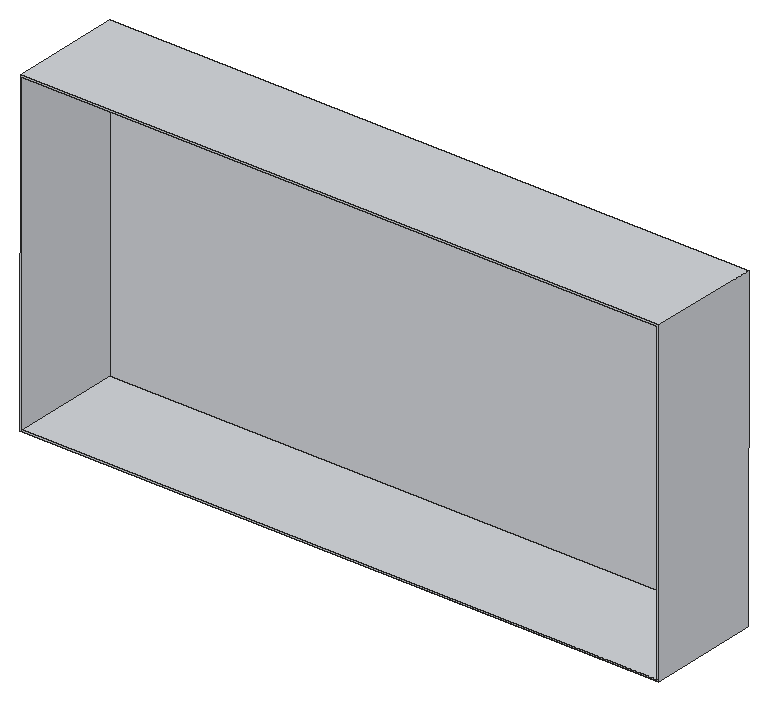
Revit family "Hager-Panelboards-Surface_mounted-IP2XC-Without_Cover-With_DIN-NoHosted-IE-en", category Electrical Equipment, Revit 2023
Family settings
  Panel Configuration = Two Columns, Circuits Across
  Round Connector Dimension = Use Diameter
  Part Type = Panelboard
  Work Plane-Based = Yes
  Always vertical = Yes
  Cut with Voids When Loaded = No
  Maintain Annotation Orientation = No
  Shared = No
  Room Calculation Point = No
Parameters (values of type "Panelboards-Surface_mounted_W900_H450_D158_0_Modular_Spacing-JF806E")
  Width Control [instance] = if([HG000006-Flush mounted], if([EF000846 - Built-in width] > min_whd, [EF000846 - Built-in width], min_whd), if([EF000008 - Width] > min_whd, ([EF000008 - Width]), min_whd))  # 900 mm
  Void Depth [instance] = if([EF000218 - Built-in depth] > 1 mm, [EF000218 - Built-in depth], 1 mm)  # 1 mm
  Uniformat code = "D501001"
  Uniformat = "Low Tension Service & Dist."
  Référence = ""
  HG000131 - Functional label [instance] = ""
  HG000130 - Functional name [instance] = ""
  HG000099-Onfly Template ID = "507532"
  HG000059-Operating voltage [instance] = 230 V
  ETIM class name = "Small distribution board"
  ETIM class code = "EC000214"
  EF015941 - Signal passing door = no
  EF015777 - Neutral terminal block = no
  EF015776 - Earthing terminal block = yes
  EF009212 - Cover model = ""
  EF006306 - With lock = no
  EF006244 - Transparent cover/door = no
  EF005474 - Degree of protection (IP) = "IP2XC"
  EF004462 - Type of closure = ""
  EF002950 - Width in number of modular spacings = 0
  EF001596 - Housing material = ""
  EF001134 - DIN-rail = yes
  EF001131 - Inner depth = 0 mm
  EF001088 - Extension possible = no
  EF001062 - EMC-version = no
  EF000846 - Built-in width = 0 mm
  EF000339 - Type of covering = ""
  EF000332 - Built-in height = 0 mm
  EF000266 - Number of rows = 0
  EF000218 - Built-in depth = 0 mm
  EF000118 - With mounting plate = no
  EF000116 - RAL-number = 7035
  EF000049 - Depth = 158 mm
  EF000040 - Height = 450 mm
  EF000008 - Width = 900 mm
  EF000007 - Colour = ""
  EF000003 - Mounting method = "Surface mounted"
  EF004464 - Type of door = ""
  EF000024 - UV resistant = no
  Type Comments = ""
  System Height [instance] = Height Control - 2 * [HG000005-Thickness]  # 446 mm
  Reference description = ""
  Reference = "Panelboards-Surface_mounted_W900_H450_D158_0_Modular_Spacing-JF806E"
  Panel Name [instance] = ""  # (empty or 0)
  Offset [instance] = 0 mm
  Object type = ""
  Name hager = "ADD_Enclosures_EC000214"
  Name BIM&CO = "Electricity"
  Name = "Panelboards-Surface_mounted-IP2XC-Without_Cover-With_DIN-IE"
  Model = ""
  Level Offset [instance] = [Flush Mounted - Door Frame Width] + Offset  # 50 mm
  HGEF002950-Width in number of modular spacings = 0
  HGEF000266-Number of rows = 0
  HG000060-RAL-number = "7035"
  HG000017-Distance between poles = 18 mm
  HG000016-Door 3D visibility = yes
  HG000015-Clearance visibility = yes
  HG000014-Door on the right = yes
  HG000013-Door on the left = not([HG000014-Door on the right])  # no
  HG000012-Door swing angle = 90.00°
  HG000011-Empty rows from bottom = no
  HG000010-Asymmetric doors = no
  HG000009-Double swing door = no
  HG000008-Number of empty rows = 0
  HG000007-Number of empty columns = 0
  HG000006-Flush mounted = no
  HG000005-Thickness = 2 mm
  HG000004-Manufacturer reference = "JF806E"
  HG000003-Range = "Panelboards"
  HG000002-With door or cover = no
  HG000001-Number of columns = 0
  GTIN (Global Trade Item Number) = ""
  Description = ""
  Default Elevation = 1200 mm
  Creation Date = "12/17/2025 20:23:40"
  Code hager = "ADD-EC000214_EU"
  Code Uniformat = ""
  BIM&CO code = ""
  BC_VARIANT_ID = "1179179"
  BC_OBJECT_VERSION = "#1"  # constant formula
  BC_OBJECT_ID = "513920"  # constant formula
  BC_MODEL_ID = "1554436"  # constant formula
  BC_METADATA = "{\"ObjectGuid\":\"bc35c96e-cb38-443e-833d-0616858cb9ac\",\"ModelGuid\":\"8af03f69-2293-4735-a617-cc53adf55621\",\"VariantGuid\":\"8b6e323b-1b53-409a-a940-11b5a7fc5337\",\"Revision\":\"#4\",\"VariantName\":\"Template-Enclosure_EU-EC000214\"}"
  Arrow Offset [instance] = Depth Control / 8  # 18.75 mm
  Arrow Height [instance] = Depth Control - Arrow Offset  # 131.25 mm
  Host Offset [instance] = if([HG000006-Flush mounted], 0 mm, [EF000049 - Depth])  # 158 mm
  min_whd [instance] = (2 * [HG000005-Thickness]) + 1 mm  # 5 mm
  Manufacturer = "Hager"  # constant formula
  Height Control [instance] = if([HG000006-Flush mounted], if([EF000332 - Built-in height] > min_whd, [EF000332 - Built-in height], min_whd), if([EF000040 - Height] > min_whd, ([EF000040 - Height]), min_whd))  # 450 mm
  Flush Mounted - Door Frame Width [instance] = if(([EF000040 - Height] - [EF000332 - Built-in height]) > 0 mm, if([HG000006-Flush mounted], [EF000040 - Height] - [EF000332 - Built-in height], 0 mm), 0 mm)  # 0 mm
  Depth Control [instance] = if([HG000006-Flush mounted], if([EF000218 - Built-in depth] > 0 mm, [EF000218 - Built-in depth], 1 mm), if([EF000049 - Depth] > 0 mm, ([EF000049 - Depth]), 1 mm))  # 158 mm
Types (2, lengths in mm): name | EF015777 - Neutral terminal block | EF006306 - With lock | EF001088 - Extension possible | EF000040 - Height | Reference | HG000004-Manufacturer reference | BC_VARIANT_ID | Height Control
  Panelboards-Surface_mounted_W900_H300_D158_0_Modular_Spacing-JF805E | yes | yes | yes | 300 | "Panelboards-Surface_mounted_W900_H300_D158_0_Modular_Spacing-JF805E" | "JF805E" | "1179175" | 300
  Panelboards-Surface_mounted_W900_H450_D158_0_Modular_Spacing-JF806E | no | no | no | 450 | "Panelboards-Surface_mounted_W900_H450_D158_0_Modular_Spacing-JF806E" | "JF806E" | "1179179" | 450
Reference planes
  plane 1 "Center (Front/Back)": y = 0
  plane 2: z = 0
  plane 3 "Center (Left/Right)": x = 0
  plane 4: y = 2
  plane 5: y = 0
  plane 6: y = 0
  plane 7: z = 0
  plane 8: x = -450
  plane 9: x = 450
  plane 10: x = 448
  plane 11: x = -448
  plane 12: z = 50
  plane 13: z = 52
  plane 14: y = -153
  plane 15: y = -158
  plane 16: y = -2
  plane 17: z = 498
  plane 18: z = 500
  plane 19: z = 275
  plane 20: x = 0
  plane 21: y = -100
  plane 22 "Annotation H": y = -300
  plane 23 "Annotation V": x = 650
Forms (mm)
  Extrusion 1, solid
    sketch origin (-208.679, -4572, 50) x (-1, 0, 0) y (0, -1, 0)
      loop
        line (241.321, -4414) -> (-658.679, -4414) -> (-658.679, -4572) -> (241.321, -4572) -> (241.321, -4414)
    from 0 to 450 <- "Height Control"
  Extrusion 2, void
    sketch origin (-350.771, -158, 1219.2) x (1, 0, 0) y (0, 0, 1)
      loop
        line (-97.229, -721.2) -> (-97.229, -1167.2) -> (798.771, -1167.2) -> (798.771, -721.2) -> (-97.229, -721.2)
    from 0 to -156
  Extrusion 3, solid, detail levels coarse+medium
    sketch origin (-350.771, -158, 1219.2) x (-1, 0, 0) y (0, 0, 1)
      loop
        line (97.229, -721.2) -> (-798.771, -721.2) -> (-798.771, -1167.2) -> (97.229, -1167.2) -> (97.229, -721.2)
    from 0 to 2 <- "HG000005-Thickness"
Cuts and joins
  Extrusion 2 cuts Extrusion 1
Dimensions and locks
  "Flush Mounted - Door Frame Width": plane 1 "Center (Front/Back)" to plane 6
  "HG000005-Thickness": plane 4 to plane 6
  "HG000005-Thickness": plane 8 to plane 11
  "HG000005-Thickness": plane 9 to plane 10
  equal spacing: plane 8, plane 3 "Center (Left/Right)", plane 9
  "Width Control": plane 8 to plane 9
  locked: plane 14 to plane 15 at 5
  "Host Offset": plane 1 "Center (Front/Back)" to plane 15
  "Depth Control": plane 5 to plane 15
  "HG000005-Thickness": plane 5 to plane 16
  "HG000005-Thickness": plane 13 to plane 12
  "Level Offset": plane 12 to level
  "HG000005-Thickness": plane 18 to plane 17
  "Height Control": plane 18 to plane 12
  "Arrow Offset": plane 5 to nested 4
  equal spacing: plane 18, plane 19, plane 12
  locked: connector elem to plane 19
  locked: connector elem to plane 3 "Center (Left/Right)"
  Extrusion 2 sketch curve to Extrusion 2 sketch curve to plane 9 = 896 mm, 2 mm
  locked: plane 9 to plane 23 "Annotation V" at 200
  locked: plane 22 "Annotation H" to plane 1 "Center (Front/Back)" at 300
  aligned and locked: nested 1 to plane 14
  aligned and locked: plane 3 "Center (Left/Right)" to nested 1
  aligned and locked: plane 3 "Center (Left/Right)" to nested 2
  aligned and locked: nested 2 to plane 15
  aligned and locked: Extrusion 1 to plane 5
  aligned and locked: Extrusion 3 sketch curve to plane 17
  aligned and locked: Extrusion 3 sketch curve to plane 11
  aligned and locked: Extrusion 3 sketch curve to plane 13
  aligned and locked: Extrusion 3 sketch curve to plane 10
  aligned and locked: Extrusion 2 sketch curve to plane 13
  aligned and locked: Extrusion 2 sketch curve to plane 17
  aligned and locked: Extrusion 2 to plane 16
  aligned and locked: Extrusion 1 sketch curve to plane 5
  aligned and locked: plane 9 to Extrusion 1 sketch curve
  aligned and locked: plane 8 to Extrusion 1 sketch curve
  aligned and locked: plane 8 to nested 4
  aligned and locked: plane 8 to nested 3
  aligned and locked: nested 3 to plane 5
  aligned and locked: Extrusion 1 sketch curve to plane 15
  aligned and locked: Extrusion 2 to plane 15
  aligned and locked: nested 5 to plane 22 "Annotation H"
  aligned and locked: plane 23 "Annotation V" to nested 5
  aligned and locked: plane 11 to Extrusion 2
  aligned and locked: plane 10 to Extrusion 2
Nested families
  nested 1: "Hager_Enclosure_System" at (0, -153, 52), Flush_Mounted <- "HG000006-Flush mounted", Height <- "System Height", Width_Control <- "Width Control", Row_Module_Multiplicator <- "HGEF002950-Width in number of modular spacings", Empty_Columns <- "HG000007-Number of empty columns", Border <- "HG000005-Thickness", Total_No_Empty_Rows <- "HG000008-Number of empty rows", Depth <- "HG000005-Thickness", Empty_Rows_From_Bottom <- "HG000011-Empty rows from bottom", Distance_Between_Poles <- "HG000017-Distance between poles", Rows_Count <- "HGEF000266-Number of rows", Columns_Count <- "HG000001-Number of columns", Built-in_Width <- "EF000846 - Built-in width", Width <- "EF000008 - Width", type "Hager_Enclosure_System", detail levels medium+fine
    with Width_Control 900 mm, Width 900 mm, Total_No_Rows 0, Total_No_Empty_Rows 0, Total_No_Columns 1, System_Width 896 mm, Rows_Count 0, Rows_Column 0, Row_Module_Multiplicator 0, Panel_4 no, Panel_3 no, Panel_2 no, Panel_1 no, No_Panels_Ctrl 1, Hide_Columns yes, Height 446 mm, Flush_Mounted no, Empty_Rows_From_Bottom no, Empty_Rows_Column 0, Empty_Columns 0, Empty column 4 0, Empty column 3 0, Empty column 2 0, Empty column 1 0, Distance_Between_Poles 18 mm, Depth 2 mm, Columns_Count 0, Column_Width 896 mm, Built-in_Width 0 mm, Border 2 mm
  nested 2: "Hager_Enclosure_Door" at (0, -158, 50), Double <- "HG000009-Double swing door", Height_Ctrl <- "Height Control", Angle <- "HG000012-Door swing angle", Door_Right <- "HG000014-Door on the right", Assymetrical <- "HG000010-Asymmetric doors", Flush_Mounted <- "HG000006-Flush mounted", Door <- "HG000002-With door or cover", Width_Ctrl <- "Width Control", 3d_Door <- "HG000016-Door 3D visibility", Border <- "HG000005-Thickness", Clearance <- "HG000015-Clearance visibility", Door_Left <- "HG000013-Door on the left", BuiltIn_Depth <- "EF000218 - Built-in depth", Depth <- "EF000049 - Depth", BuiltIn_Width <- "EF000846 - Built-in width", Height <- "EF000040 - Height", BuiltIn_Height <- "EF000332 - Built-in height", Width <- "EF000008 - Width", Transparent <- "EF006244 - Transparent cover/door", type "Hager_Enclosure_Door", detail levels medium+fine
    with min_wh 5 mm, Width_Ctrl 900 mm, Width 900 mm, Transparent_Door_No_Bottom_Border no, Transparent no, Leaf_Width 893 mm, Leaf_Tolerance 1.5 mm, Leaf_Height 443 mm, Leaf_2_Width 893 mm, Leaf_2_Offset 446.5 mm, Leaf_1_Width 893 mm, Leaf_1_Offset 446.5 mm, Height_Ctrl 450 mm, Height 450 mm, Frame_Width_Ctrl 900 mm, Frame_Width 900 mm, Frame_Internal_Offset 0 mm, Frame_Height_Ctrl 450 mm, Frame_Height 450 mm, Frame_Depth_Ctrl 1 mm, Frame_Depth 0 mm, Flush_Mounted no, Double_Clearance_Ctrl no, Double no, Door_Right_Ctrl no, Door_Right yes, Door_Left_Ctrl no, Door_Left no, Door no, Depth 158 mm, Clearance_Depth 893 mm, Clearance_Ctrl yes, Clearance yes, BuiltIn_Width 0 mm, BuiltIn_Height 0 mm, BuiltIn_Depth 0 mm, Border 2 mm, Assymetrical no, Angle 90.00°, 3d_Door yes
  nested 3: "Hager_Enclosure_Symbol_Triangle" at (-450, 0, 0), Depth <- "Depth Control", Width <- "Width Control", type "Hager_Enclosure_Symbol_Triangle"
    with Width_Ctrl 900 mm, Width 900 mm, Depth_Ctrl 158 mm, Depth 158 mm
  nested 4: "Hager_Enclosure_Symbol_Arrow" at (-450, -18.75, 0), Height <- "Arrow Height", type "Hager_Enclosure_Symbol_Arrow"
    with Width_Inside 9.844 mm, Width 118.125 mm, Height_Ctrl 131.25 mm, Height 131.25 mm
  nested 5: "Hager_Annotation-HG000130" at (650, -300, 0), HG000130 - Functional name <- "HG000130 - Functional name", type "Hager_Annotation-HG000130"
    with HG000130 - Functional name ""
Connectors
  electrical at (0, 0, 275), driven by "HG000059-Operating voltage"
    settings: on plane 5, index 1, voltage 230 V, apparent load 0 VA, apparent load phase1 0 VA, apparent load phase2 0 VA, apparent load phase3 0 VA, power factor 1, load classification "Other", number of poles 1, system type 30, power factor state 1, is connector primary yes, connector utility no, sub classification motor no, connector description ""
Definition of nested family "Hager_Enclosure_Door"
  Parameters (values of type "Hager_Enclosure_Door")
    min_wh [instance] = (2 * Border) + 1 mm  # 11 mm
    Width_Ctrl [instance] = 400 mm
    Width [instance] = 500 mm
    Transparent_Door_No_Bottom_Border [instance] = no
    Transparent [instance] = yes
    Leaf_Width [instance] = if((Width_Ctrl - 2 * Border - 2 * Leaf_Tolerance) > 0 mm, (Width_Ctrl - 2 * Border - 2 * Leaf_Tolerance), min_wh)  # 387 mm
    Leaf_Tolerance [instance] = 1.5 mm  # constant formula
    Leaf_Height [instance] = if((Height_Ctrl - 2 * Border - 2 * Leaf_Tolerance) > 0 mm, (Height_Ctrl - 2 * Border - 2 * Leaf_Tolerance), min_wh)  # 387 mm
    Leaf_2_Width [instance] = if(and(and(Double, Assymetrical), Door_Left), (Leaf_Width / 3) - (Leaf_Tolerance / 2), if(and(and(Double, Assymetrical), Door_Right), (Leaf_Width / 3) * 2 - (Leaf_Tolerance / 2), if(and(Double, not(Assymetrical)), (Leaf_Width / 2) - Leaf_Tolerance, Leaf_Width)))  # 387 mm
    Leaf_2_Offset [instance] = if(and(Double, Assymetrical), Leaf_2_Width / 2, if(and(Double, not(Assymetrical)), Leaf_Width / 4, Leaf_Width / 2))  # 193.5 mm
    Leaf_1_Width [instance] = if(and(and(Double, Assymetrical), Door_Right), (Leaf_Width / 3) - (Leaf_Tolerance / 2), if(and(and(Double, Assymetrical), Door_Left), (Width / 3) * 2 - (Leaf_Tolerance / 2), if(and(Double, not(Assymetrical)), (Leaf_Width / 2) - Leaf_Tolerance, Leaf_Width)))  # 387 mm
    Leaf_1_Offset [instance] = if(and(Double, Assymetrical), Leaf_1_Width / 2, if(and(Double, not(Assymetrical)), Leaf_Width / 4, Leaf_Width / 2))  # 193.5 mm
    Height_Ctrl [instance] = 400 mm
    Height [instance] = 500 mm
    Frame_Width_Ctrl [instance] = if(Frame_Width > 0 mm, Frame_Width, 1 mm)  # 1 mm
    Frame_Width [instance] = Width - BuiltIn_Width  # 0 mm
    Frame_Internal_Offset [instance] = if(Flush_Mounted, Border, 0 mm)  # 5 mm
    Frame_Height_Ctrl [instance] = if(Frame_Height > 0 mm, Frame_Height, 1 mm)  # 1 mm
    Frame_Height [instance] = Height - BuiltIn_Height  # 0 mm
    Frame_Depth_Ctrl [instance] = if(Frame_Depth > 0 mm, Frame_Depth, 1 mm)  # 1 mm
    Frame_Depth [instance] = if(Depth - BuiltIn_Depth > 0 mm, if(Flush_Mounted, Depth - BuiltIn_Depth, 0 mm), 0 mm)  # 0 mm
    Flush_Mounted [instance] = yes
    Double_Clearance_Ctrl [instance] = and(Double, Clearance)  # no
    Double [instance] = no
    Door_Right_Ctrl [instance] = and(or(Door_Right, Double), Door)  # yes
    Door_Right [instance] = yes
    Door_Left_Ctrl [instance] = and(or(Door_Left, Double), Door)  # no
    Door_Left [instance] = no
    Door [instance] = yes
    Depth [instance] = 500 mm
    Default Elevation = 1219.2 mm
    Clearance_Material = none
    Clearance_Depth [instance] = if(Leaf_1_Width > Leaf_2_Width, Leaf_1_Width, Leaf_2_Width)  # 387 mm
    Clearance_Ctrl [instance] = and(not(Double), Clearance)  # yes
    Clearance [instance] = yes
    BuiltIn_Width [instance] = 500 mm
    BuiltIn_Height [instance] = 500 mm
    BuiltIn_Depth [instance] = 500 mm
    Border [instance] = 5 mm
    Assymetrical [instance] = yes
    Angle [instance] = 30.00°
    3d_Door [instance] = yes
  Reference planes
    plane 1 "Center (Front/Back)": y = 0
    plane 2 "Bottom": z = 0
    plane 3 "Center (Left/Right)": x = 0
    plane 4: z = 400
    plane 5: x = -200
    plane 6: x = 200
    plane 7: z = 395
    plane 8: x = -195
    plane 9: z = 5
    plane 10: x = 195
    plane 11: y = 0
    plane 12: z = 6.5
    plane 13: x = -582
    plane 14: y = -387
    plane 15: x = 582
    plane 16: x = 0
    plane 17: x = 0
    plane 18: x = -193.5
    plane 19: x = 193.5
    plane 20: z = 393.5
  Forms (mm)
    Extrusion 1, solid, visible <- "Flush_Mounted"
      sketch origin (0, 0, 0) x (1, 0, 0) y (0, 0, 1)
        loop
          line (195, 5) -> (195, 395) -> (-195, 395) -> (-195, 5) -> (195, 5)
        loop
          line (-201, 401) -> (-201, -1) -> (201, -1) -> (201, 401) -> (-201, 401)
      from 0 to 1 <- "Frame_Depth_Ctrl"
    Extrusion 2, solid, material <- "Clearance_Material", visible <- "Double_Clearance_Ctrl"
      sketch origin (1200, 0, 0) x (1, 0, 0) y (0, 0, -1)
        loop
          line (-1782, -393.5) -> (-618, -393.5) -> (-618, 0) -> (-1782, 0) -> (-1782, -393.5)
      from 0 to -387
  Dimensions and locks
    equal spacing: plane 5, plane 3 "Center (Left/Right)", plane 6
    "Width_Ctrl": plane 5 to plane 6
    "Border": plane 5 to plane 8
    "Border": plane 6 to plane 10
    "Border": plane 9 to level
    "Border": plane 4 to plane 7
    "Height_Ctrl": plane 4 to level
    "Leaf_Tolerance": plane 12 to plane 9
    "Frame_Depth": plane 11 to plane 1 "Center (Front/Back)"
    "Frame_Width_Ctrl": plane 5 to Extrusion 1 sketch curve
    "Frame_Width_Ctrl": plane 6 to Extrusion 1 sketch curve
    "Frame_Width_Ctrl": Extrusion 1 sketch curve to plane 4
    "Frame_Width_Ctrl": plane 2 "Bottom" to Extrusion 1 sketch curve
    "Leaf_1_Offset": plane 18 to plane 16
    "Leaf_2_Offset": plane 17 to plane 19
    "Leaf_1_Width": plane 13 to plane 8
    "Leaf_2_Width": plane 10 to plane 15
    "Clearance_Depth": plane 14 to plane 1 "Center (Front/Back)"
    "Leaf_Tolerance": plane 8 to plane 18
    "Leaf_Tolerance": plane 19 to plane 10
    "Leaf_Tolerance": plane 7 to plane 20
    "Frame_Internal_Offset": plane 5 to Extrusion 1 sketch curve
    "Frame_Internal_Offset": Extrusion 1 sketch curve to plane 2 "Bottom"
    "Frame_Internal_Offset": plane 6 to Extrusion 1 sketch curve
    "Frame_Internal_Offset": plane 4 to Extrusion 1 sketch curve
    aligned and locked: level to plane 2 "Bottom"
    aligned and locked: nested 1 to plane 16
    aligned and locked: nested 2 to plane 17
    aligned and locked: Extrusion 2 to plane 13
    aligned and locked: plane 15 to Extrusion 2
    aligned and locked: Extrusion 2 to plane 14
    aligned and locked: plane 12 to nested 1
    aligned and locked: nested 2 to plane 12
    aligned and locked: Extrusion 2 to plane 11
    aligned and locked: plane 20 to Extrusion 2
    aligned and locked: nested 2 to plane 11
    aligned and locked: nested 1 to plane 11
  Automatic sketch dimensions
    Extrusion 2 sketch curve to level = 0 mm
    plane 5 to Extrusion 2 sketch curve = 382 mm
    plane 6 to Extrusion 2 sketch curve = 382 mm
    Extrusion 2 sketch curve to plane 4 = 6.5 mm
  Nested families
    nested 1: "Hager_Enclosure_Door_Leaf" at (0, 0, 6.5), Width <- "Leaf_1_Width", visible <- "Door_Left_Ctrl", Leaf_Height <- "Leaf_Height", Angle <- "Angle", Depth <- "Border", 3d_Door <- "3d_Door", Transparent <- "Transparent", Clearance Material <- "Clearance_Material", Clearance <- "Clearance_Ctrl", Transparent_Door_No_Bottom_Border <- "Transparent_Door_No_Bottom_Border", type "Hager_Enclosure_Door_Leaf"
      with Width 387 mm, Transparent_Door_No_Bottom_Border no, Transparent_Door_Border_Bottom_Top 25 mm, Transparent_Door_Border 25 mm, Transparent_Ctrl yes, Transparent yes, Standard no, Leaf_Height 387 mm, Glass_Offset 1 mm, Depth 5 mm, Clearance Material none, Clearance yes, Angle_Ctrl 30.00°, Angle 30.00°, 3d_Door yes
    nested 2: "Hager_Enclosure_Door_Leaf" at (0, 0, 6.5) x (-1, 0, 0) z (0, 0, 1), Width <- "Leaf_2_Width", visible <- "Door_Right_Ctrl", Leaf_Height <- "Leaf_Height", Angle <- "Angle", Depth <- "Border", 3d_Door <- "3d_Door", Transparent <- "Transparent", Clearance Material <- "Clearance_Material", Clearance <- "Clearance_Ctrl", Transparent_Door_No_Bottom_Border <- "Transparent_Door_No_Bottom_Border", type "Hager_Enclosure_Door_Leaf"
      with Width 387 mm, Transparent_Door_No_Bottom_Border no, Transparent_Door_Border_Bottom_Top 25 mm, Transparent_Door_Border 25 mm, Transparent_Ctrl yes, Transparent yes, Standard no, Leaf_Height 387 mm, Glass_Offset 1 mm, Depth 5 mm, Clearance Material none, Clearance yes, Angle_Ctrl 30.00°, Angle 30.00°, 3d_Door yes
  Definition of nested family "Hager_Enclosure_Door_Leaf"
    Parameters (values of type "Hager_Enclosure_Door_Leaf")
      Width [instance] = 2000 mm
      Transparent_Door_No_Bottom_Border [instance] = yes
      Transparent_Door_Border_Bottom_Top [instance] = if(Transparent_Door_No_Bottom_Border, 0.1 mm, Transparent_Door_Border)  # 0.1 mm
      Transparent_Door_Border [instance] = if(Transparent_Door_No_Bottom_Border, (Width * 0.12), 25 mm)  # 240 mm
      Transparent_Ctrl [instance] = and(Transparent, [3d_Door])  # yes
      Transparent [instance] = yes
      Standard [instance] = and(not(Transparent), [3d_Door])  # no
      Leaf_Height [instance] = 2720.336 mm
      Glass_Offset [instance] = if((Depth - 10 mm) / 2 > 0 mm, (Depth - 10 mm) / 2, 1 mm)  # 15 mm
      Glass_Material = none
      Depth [instance] = 40 mm
      Default Elevation = 0 mm
      Clearance Material [instance] = none
      Clearance [instance] = yes
      Angle_Ctrl [instance] = if(Angle > 170.00°, 170.00°, Angle)  # 45.00°
      Angle [instance] = 45.00°
      3d_Door [instance] = yes
    Reference planes
      plane 1 "Center (Front/Back)": y = 0
      plane 2: z = 0
      plane 3 "Center (Left/Right)": x = 0
      plane 4: y = 2000
      plane 5: x = -1000
      plane 6: x = 1000
      plane 7: x = -3000
      plane 8: z = 2720.336
      plane 9: z = 0.1
      plane 10: z = 2720.236
      plane 11: x = 760
      plane 12: x = -760
    Forms (mm)
      Extrusion 1, solid, material <- "Clearance Material", visible <- "Clearance"
        sketch origin (0, 0, 0) x (1, 0, 0) y (0, 0, 1)
          loop
            line (-3000, 2720.336) -> (-3000, 0) -> (1000, 0) -> (1000, 2720.336) -> (-3000, 2720.336)
        from 0 to -2000
      Extrusion 2, solid, visible <- "Standard", detail levels medium+fine
        sketch origin (-1000, 0, 0) x (0.707107, 0.707107, 0) y (-0.707107, 0.707107, 0)
          loop
            line (0, -40) -> (2000, -40) -> (2000, 0) -> (0, 0) -> (0, -40)
        from 0 to 2720.336 <- "Leaf_Height"
      Extrusion 3, solid, visible <- "Transparent_Ctrl", detail levels medium+fine
        sketch origin (-1000, 0, 0) x (0.707107, 0.707107, 0) y (-0.707107, 0.707107, 0)
          loop
            line (0, -40) -> (2000, -40) -> (2000, 0) -> (0, 0) -> (0, -40)
        from 0 to 2720.336 <- "Leaf_Height"
      Extrusion 4, void, detail levels medium+fine
        sketch origin (-1000, 0, 0) x (-0.707107, 0.707107, 0) y (0.707107, 0.707107, 0)
          loop
            line (0, 240) -> (0, 1760) -> (-40, 1760) -> (-40, 240) -> (0, 240)
        from -2720.236 to -0.1
      Extrusion 5, solid, material <- "Glass_Material", visible <- "Transparent_Ctrl", detail levels medium+fine
        sketch origin (-1000, 0, 0) x (0.707107, 0.707107, 0) y (-0.707107, 0.707107, 0)
          loop
            line (240, -15) -> (240, -25) -> (1760, -25) -> (1760, -15) -> (240, -15)
        from 0.1 to 2720.236
    Cuts and joins
      Extrusion 4 cuts Extrusion 3
    Lines and regions (mm)
      symbolic lines
        curve 1: line (1000, 0, 0) -> (-3000, 0, 0)
        curve 2: arc (1000, 0, 0) -> (-1000, 2000, 0) -> (-3000, 0, 0) r 2000
        curve 4: line (-1000, 0, 0) -> (414.214, 1414.214, 0)
      reference lines
        curve 3: line (-1000, 0, 0) -> (414.214, 1414.214, 0)
      symbolic lines, detail levels medium+fine
        curve 5: line (414.214, 1414.214, 0) -> (442.498, 1385.929, 0)
        curve 6: line (442.498, 1385.929, 0) -> (-971.716, -28.284, 0)
        curve 7: line (-971.716, -28.284, 0) -> (-1000, 0, 0)
        curve 8: line (-1000, 0, 2720.336) -> (1000, 0, 2720.336)
        curve 9: line (-1000, 0, 0) -> (-1000, 0, 2720.336)
        curve 10: line (1000, 0, 0) -> (-1000, 0, 0)
        curve 11: line (1000, 0, 2720.336) -> (1000, 0, 0)
      symbolic lines, visible <- "Transparent_Ctrl", detail levels medium+fine
        curve 12: line (-760, 0, 2720.236) -> (760, 0, 2720.236)
        curve 13: line (-760, 0, 0.1) -> (-760, 0, 2720.236)
        curve 14: line (760, 0, 0.1) -> (-760, 0, 0.1)
        curve 15: line (760, 0, 2720.236) -> (760, 0, 0.1)
    Dimensions and locks
      "Width": plane 1 "Center (Front/Back)" to plane 4
      equal spacing: plane 5, plane 3 "Center (Left/Right)", plane 6
      "Width": plane 5 to plane 6
      "Width": plane 7 to plane 5
      "Leaf_Height": plane 8 to level
      "Depth": curve 6 to curve 3
      "Width": curve 5 to curve 3
      "Width": curve 3 to curve 3
      "Transparent_Door_Border": Extrusion 4 sketch curve to curve 7
      "Transparent_Door_Border": Extrusion 4 sketch curve to curve 5
      "Transparent_Door_Border_Bottom_Top": plane 8 to plane 10
      "Transparent_Door_Border_Bottom_Top": plane 9 to level
      "Glass_Offset": Extrusion 5 sketch curve to curve 4
      "Glass_Offset": Extrusion 5 sketch curve to curve 6
      "Transparent_Door_Border": Extrusion 5 sketch curve to curve 5
      "Transparent_Door_Border": Extrusion 5 sketch curve to curve 7
      "Transparent_Door_Border": plane 12 to plane 5
      "Transparent_Door_Border": plane 6 to plane 11
      "Angle_Ctrl": angle plane 1 "Center (Front/Back)" to curve 3
      aligned and locked: level to plane 2
      aligned and locked: Extrusion 1 to curve 1
      aligned and locked: plane 6 to Extrusion 1
      aligned and locked: Extrusion 1 to plane 1 "Center (Front/Back)"
      aligned and locked: plane 4 to Extrusion 1
      aligned and locked: plane 8 to Extrusion 1
      aligned and locked: curve 4 to curve 3
      aligned and locked: Extrusion 2 sketch curve to curve 7
      aligned and locked: Extrusion 2 sketch curve to curve 6
      aligned and locked: Extrusion 2 sketch curve to curve 5
      aligned and locked: Extrusion 2 sketch curve to curve 3
      aligned and locked: curve 7 to Extrusion 3 sketch curve
      aligned and locked: Extrusion 3 sketch curve to curve 4
      aligned and locked: Extrusion 3 sketch curve to curve 6
      aligned and locked: Extrusion 3 sketch curve to curve 5
      aligned and locked: curve 4 to Extrusion 4 sketch curve
      aligned and locked: curve 6 to Extrusion 4 sketch curve
      aligned and locked: Extrusion 4 to plane 9
      aligned and locked: Extrusion 4 to plane 10
      aligned and locked: Extrusion 5 to plane 9
      aligned and locked: Extrusion 5 to plane 10
      aligned and locked: curve 8 to plane 8
      aligned and locked: plane 5 to curve 9
      aligned and locked: plane 2 to curve 10
      aligned and locked: curve 11 to plane 6
      aligned and locked: plane 10 to curve 12
      aligned and locked: plane 12 to curve 13
      aligned and locked: curve 14 to plane 9
      aligned and locked: plane 11 to curve 15
    Automatic sketch dimensions
      plane 1 "Center (Front/Back)" to curve 2 = 0 mm
      curve 2 to plane 5 = 0 mm
      Extrusion 1 sketch curve to level = 0 mm
      Extrusion 1 sketch curve to plane 7 = 0 mm
      Extrusion 1 sketch curve to plane 6 = 0 mm
      Extrusion 1 sketch curve to plane 8 = 0 mm
      plane 1 "Center (Front/Back)" to curve 3 = 0 mm
      curve 3 to plane 5 = 0 mm
      curve 7 to curve 3 = 0 mm
Definition of nested family "Hager_Enclosure_Symbol_Triangle"
  Parameters (values of type "Hager_Enclosure_Symbol_Triangle")
    Width_Ctrl [instance] = if(Width > 1 mm, Width, 1 mm)  # 498 mm
    Width [instance] = 498 mm
    Depth_Ctrl [instance] = if(Depth > 1 mm, Depth, 1 mm)  # 72 mm
    Depth [instance] = 72 mm
  Reference planes
    plane 1 "Centre (avant/arrière)": y = 0
    plane 2: z = 0
    plane 3 "Centre (gauche/droite)": x = 0
  Lines and regions (mm)
    Filled region 1, type "Solid_Black", in view "Niveau de réf."
      outline origin (0, 0, 0) x (1, 0, 0) y (0, 1, 0)
        loop
          line (0, 0) -> (498, 0) -> (498, 72) -> (0, 0)
    reference lines, in view "Niveau de réf."
      curve 1: line (-206.153, 72, 0) -> (1083.258, 72, 0)
      curve 2: line (498, 405.456, 0) -> (498, -517.619, 0)
  Dimensions and locks
    "Depth_Ctrl": plane 1 "Centre (avant/arrière)" to curve 1
    "Width_Ctrl": plane 3 "Centre (gauche/droite)" to curve 2
    aligned and locked: curve 1 to Filled region 1 sketch curve
    aligned and locked: Filled region 1 sketch curve to plane 1 "Centre (avant/arrière)"
    aligned and locked: curve 2 to Filled region 1 sketch curve
    aligned and locked: plane 3 "Centre (gauche/droite)" to Filled region 1 sketch curve
    aligned and locked: plane 1 "Centre (avant/arrière)" to Filled region 1 sketch curve
  Automatic sketch dimensions
    curve 1 to plane 3 "Centre (gauche/droite)" = 206.153 mm
    curve 2 to curve 1 = 585.258 mm
    plane 1 "Centre (avant/arrière)" to curve 2 = 517.619 mm
    curve 2 to plane 1 "Centre (avant/arrière)" = 405.456 mm
Definition of nested family "Hager_Enclosure_Symbol_Arrow"
  Parameters (values of type "Hager_Enclosure_Symbol_Arrow")
    Width_Inside [instance] = if(Width / 12 > 2 mm, Width / 12, 2 mm)  # 4.987 mm
    Width [instance] = if(Height_Ctrl * 0.9 > 2 mm, Height_Ctrl * 0.9, 2 mm)  # 59.85 mm
    Height_Ctrl [instance] = if(Height > 2 mm, Height, 2 mm)  # 66.5 mm
    Height [instance] = 66.5 mm
  Reference planes
    plane 1 "Centre (avant/arrière)": y = 0
    plane 2: z = 0
    plane 3 "Centre (gauche/droite)": x = 0
    plane 4: x = 59.85
    plane 5: y = 28.263
    plane 6: y = 38.238
    plane 7: y = 66.5
    plane 8: x = 29.925
    plane 9: y = 33.25
  Lines and regions (mm)
    Filled region 1, type "Solid_Black", in view "Niveau de réf."
      outline origin (0, 0, 0) x (1, 0, 0) y (0, 1, 0)
        loop
          line (59.85, 66.5) -> (37.929, 52.827) -> (51.846, 41.935) -> (59.85, 66.5)
    detail lines, in view "Niveau de réf."
      curve 1: line (0, 0, 0) -> (29.925, 38.238, 0)
      curve 2: line (29.925, 38.238, 0) -> (29.925, 28.263, 0)
      curve 3: line (29.925, 28.263, 0) -> (59.85, 66.5, 0)
  Dimensions and locks
    "Width": plane 3 "Centre (gauche/droite)" to plane 4
    "Height_Ctrl": plane 7 to plane 1 "Centre (avant/arrière)"
    equal spacing: plane 3 "Centre (gauche/droite)", plane 8, plane 4
    equal spacing: plane 7, plane 9, plane 1 "Centre (avant/arrière)"
    equal spacing: plane 6, plane 9, plane 5
    "Width_Inside": plane 6 to plane 9
    equal spacing: curve 3, Filled region 1 sketch curve, Filled region 1 sketch curve
    angle Filled region 1 sketch curve to curve 3 = 20.00°
    angle curve 3 to Filled region 1 sketch curve = 20.00°
    locked: curve 3 to Filled region 1 sketch curve (angle 90.00°)
  Automatic sketch dimensions
    plane 1 "Centre (avant/arrière)" to curve 1 = 0 mm
    curve 1 to plane 3 "Centre (gauche/droite)" = 0 mm
    curve 2 to plane 6 = 0 mm
    curve 3 to plane 8 = 0 mm
    curve 3 to plane 4 = 0 mm
    curve 2 to plane 5 = 0 mm
    curve 3 to plane 7 = 0 mm
    Filled region 1 sketch curve to plane 4 = 0 mm
    Filled region 1 sketch curve to plane 7 = 0 mm
Definition of nested family "Hager_Annotation-HG000130"
  Parameters (values of type "Hager_Annotation-HG000130")
    HG000130 - Functional name [instance] = ""
  Reference planes
    plane 1: y = 0
    plane 2: x = 0
  Lines and regions (mm)
    detail lines
      curve 1: line (-27.5, 10, 0) -> (27.5, 10, 0)
      curve 2: line (-27.5, -10, 0) -> (-27.5, 10, 0)
      curve 3: line (27.5, -10, 0) -> (-27.5, -10, 0)
      curve 4: line (27.5, 10, 0) -> (27.5, -10, 0)
  Text (mm)
    label "HG000130 - Functional name" at (0.16, 0.026, 0), shows "HG000130 - Functional name"
